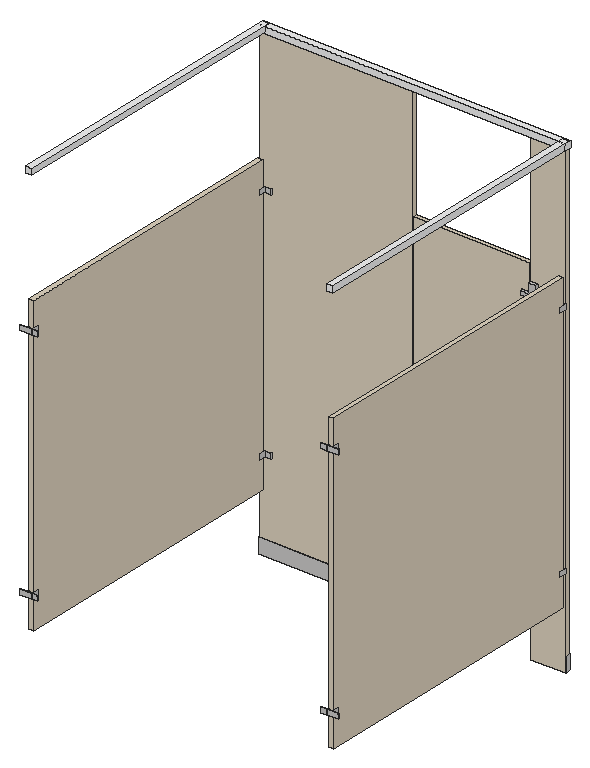
Revit family
Parameters (values of type "ADA Partition as Specified in 10 21 13")
  topoffset = 0' - 0 1/4"
  strkhdwr [instance] = not(or((End Panel_Strike Side), (Terminates at Wall_Strike Side)))  # no
  hngpnlconstrain [instance] = if((Terminates at Wall_Hinge Side), (Front Panel Width_Hinge Side - Reveal Clearance), (if((End Panel_Hinge Side), (Front Panel Width_Hinge Side + Panel Thickness + 0' 0 1/8"), (Front Panel Width_Hinge Side))))  # 0' - 7"
  hngpnl2 [instance] = if((Terminates at Wall_Strike Side), (Panel Thickness - Reveal Clearance - 0' 0 1/8"), (if((End Panel_Strike Side), (Panel Thickness + 0' 0 1/8"), (Panel Thickness))))  # 0' - 1"
  capoffset = 0' - 0"
  Warranty Duration (Years) = 0
  URL = "www.ironwood-mfg.com"
  Type Comments = "Toilet Partition"
  Terminates at Wall_Strike Side [instance] = no
  Terminates at Wall_Hinge Side [instance] = no
  Stile Thickness = 0' - 0 7/8"
  Stall Width = 5' - 0"
  Stall Depth [instance] = 5' - 0"
  Return Rail - Strike Side [instance] = yes
  Return Rail - Hinge Side [instance] = yes
  Pilaster Height = 8' - 0"
  Panel Thickness = 0' - 0 7/8"
  Outswing Door = yes
  Inswing Door = not(Outswing Door)  # no
  Headrail Material = Aluminum - Extruded - Satin Anodized Finish
  End Panel_Strike Side [instance] = not(Terminates at Wall_Strike Side)  # yes
  Front Panel Width_Strike Side = Stall Width - Door Width - Front Panel Width_Hinge Side  # 2' - 6"
  Specification = "http://www.arcat.com/sd/clients/ironwood.html?coid=45050"
  SpecWizard = "http://www.arcat.com/specwizard/10155iro/index.htm?coid=45050&mf=\r\n"
  Send Message = "http://admin.arcat.com/users.pl?action=UserEmail&company=Ironwood%20Manufacturing%20-%20Toilet%20Compartments&coid=45050&rep=133&fax=360-862-8413&mf="
  Sales Information = "http://www.ironwood-mfg.com/contact.aspx\r\n"
  Revision = "R1_09/2009"
  Reveal Clearance = 0' - 0 1/2"
  Product Properties = "http://www.arcat.com/bim/bim_info.pl?fn=Toilet-Partition_Ironwood_Ceiling-Hung\r\n"
  Product Data = "http://www.arcat.com/arcatcos/cos45/arc45050.html\r\n"
  Panel Material [instance] = Ironwood Cascade HPL - Almond - 920
  Model = ""
  Manufacturer's Notes = ""
  Manufacturer Website = "http://www.ironwood-mfg.com/"
  Manufacturer Phone = "360-568-1823\r\n"
  Manufacturer Fax = "360-862-8413"
  Manufacturer Address = "1102 Bonneville Ave.; Snohomish; WA 98290"
  Manufacturer = "Ironwood Manufacturing"
  Maintenance Schedule (Months) = 0
  Keynote = "10 21 13"
  Installation-Fabrication = ""
  Installation Phase = ""
  End Panel_Hinge Side [instance] = yes
  Front Panel Width_Hinge Side = 0' - 6"
  Hardware Finish [instance] = Stainless Steel - Type 304 #4 Brushed Finish
  Expected Lifespan (Years) = 0
  Drawn By = "Robert S. Weygant, CSI, CDT, SCIP"  # constant formula
  Door Width = 2' - 0"
  Door Thickness = 0' - 0 7/8"
  Door Height = 5' - 0"
  Distance from Floor to Panel = 1' - 0"
  Copyright = "2009, ARCAT, Inc."  # constant formula
  Description = "Ceiling Hung Toilet Partition as Specified in 10 21 13"
  Brackets_Vertical = 2
  Assembly Code = "C1010400"
Types (2): name | hngpnlconstrain | capoffset | Stall Width | Stall Depth | Front Panel Width_Strike Side | Product Properties | Front Panel Width_Hinge Side
  Standard Partition as Specified in 10 21 13 | 0' - 5" | 0' - 0 1/4" | 3' - 0" | 6' - 0" | 0' - 8" | "http://www.arcat.com/bim/bim_info.pl?fn=Toilet-Partition_Ironwood_Baker" | 0' - 4"
  ADA Partition as Specified in 10 21 13 | 0' - 7" | 0' - 0" | 5' - 0" | 5' - 0" | 2' - 6" | "http://www.arcat.com/bim/bim_info.pl?fn=Toilet-Partition_Ironwood_Ceiling-Hung\r\n" | 0' - 6"
Reference planes (in)
  plane 1: y = 26.56271
  plane 2 "Center (Left/Right)": x = 26.6528
  plane 3 "Left": x = 56.6528
  plane 4: x = -3.3472
  plane 5: y = 91.68771
  plane 6 "Back": y = 32.56271
  plane 7 "Right": x = -4.2222
  plane 8 "Front": y = 92.56271
  plane 9 "Bottom of panel": z = 12
  plane 10 "Top of panel": z = 72
  plane 11: x = 26.6528
  plane 12: x = 50.6528
  plane 13 "Top": z = 96
  plane 14 "Bottom Bracket": z = 18
  plane 15 "Top Bracket": z = 66
  plane 16 "Top Hinge": z = 68.75
  plane 17: y = 91.18771
  plane 18: y = 33.06271
  plane 19: z = 0
  plane 20: x = -4.3472
Forms (in)
  Extrusion 1, solid, material "Ironwood Cascade HPL - Almond - 920" <- "Panel Material"
    sketch origin (0, 0, 0) x (1, 0, 0) y (0, 1, 0)
      loop
        line (-4.3472, 92.56271) -> (-4.3472, 91.68771) -> (26.6528, 91.68771) -> (26.6528, 92.56271) -> (-4.3472, 92.56271)
    from 0 to 96
  Extrusion 2, solid, material "Stainless Steel - Type 304 #4 Brushed Finish" <- "Hardware Finish", detail levels medium+fine
    sketch origin (0, 92.56271, 0) x (-1, 0, 0) y (0, 0, 1)
      loop
        line (-25.1528, 39.97704) -> (-25.1528, 42.02296) -> (-27.6528, 42.02296) -> (-27.6528, 39.97704) -> (-25.1528, 39.97704)
    from 0 to 0.25
  Extrusion 3, solid, material "Ironwood Cascade HPL - Almond - 920" <- "Panel Material"
    sketch origin (0, 0, 0) x (1, 0, 0) y (0, 1, 0)
      loop
        line (50.6528, 92.56271) -> (50.6528, 91.68771) -> (57.6528, 91.68771) -> (57.6528, 92.56271) -> (50.6528, 92.56271)
    from 0 to 96
  Extrusion 4, solid, material "Ironwood Cascade HPL - Almond - 920" <- "Panel Material", visible <- "End Panel_Hinge Side"
    sketch origin (0, 0, 0) x (1, 0, 0) y (0, 1, 0)
      loop
        line (56.6528, 33.06271) -> (57.5278, 33.06271) -> (57.5278, 91.18771) -> (56.6528, 91.18771) -> (56.6528, 33.06271)
    from 12 to 72
  Extrusion 5, solid, material "Ironwood Cascade HPL - Almond - 920" <- "Panel Material", visible <- "End Panel_Strike Side"
    sketch origin (0, 0, 0) x (1, 0, 0) y (0, 1, 0)
      loop
        line (-4.2222, 33.06271) -> (-3.3472, 33.06271) -> (-3.3472, 91.18771) -> (-4.2222, 91.18771) -> (-4.2222, 33.06271)
    from 12 to 72
  Extrusion 6, solid, material "Stainless Steel - Type 304 #4 Brushed Finish" <- "Hardware Finish", detail levels fine
    sketch origin (0, 92.56271, 0) x (-1, 0, 0) y (0, 0, 1)
      loop
        line (-50.6528, 68.75) -> (-52.1528, 68.75) -> (-52.1528, 66) -> (-50.6528, 66) -> (-49.1528, 66) -> (-49.1528, 66.75) -> (-50.6528, 66.75) -> (-50.6528, 68.75)
    from -1.49944 to 0.25
  Extrusion 7, solid, material "Stainless Steel - Type 304 #4 Brushed Finish" <- "Hardware Finish", detail levels fine
    sketch origin (0, 92.56271, -52) x (-1, 0, 0) y (0, 0, 1)
      loop
        line (-50.6528, 66.75) -> (-52.1528, 66.75) -> (-52.1528, 64) -> (-49.1528, 64) -> (-49.1528, 64.75) -> (-50.6528, 64.75) -> (-50.6528, 66.75)
    from -1.49944 to 0.25
  Extrusion 8, solid, material "Ironwood Cascade HPL - Almond - 920" <- "Panel Material"
    sketch origin (0, 92.56271, 0) x (-1, 0, 0) y (0, 0, 1)
      loop
        line (-48.9028, 12) -> (-26.9028, 12) -> (-26.9028, 72) -> (-50.4028, 72) -> (-50.4028, 66.75) -> (-48.9028, 66.75) -> (-48.9028, 65.9223) -> (-50.4028, 65.9223) -> (-50.4028, 12.75) -> (-48.9028, 12.75) -> (-48.9028, 12)
    from -0.875 to 0
  Extrusion 9, solid, material "Stainless Steel - Type 304 #4 Brushed Finish" <- "Hardware Finish", detail levels fine
    sketch origin (0, 92.56271, 78) x (-1, 0, 0) y (0, 0, 1)
      loop
        line (-26.9028, -78) -> (4.3472, -78) -> (4.3472, -75) -> (-26.9028, -75) -> (-26.9028, -78)
    from -1.12268 to 0.24505
  Extrusion 10, solid, material "Stainless Steel - Type 304 #4 Brushed Finish" <- "Hardware Finish", detail levels fine
    sketch origin (0, 92.56271, 79) x (-1, 0, 0) y (0, 0, 1)
      loop
        line (-57.6528, -79) -> (-50.4028, -79) -> (-50.4028, -76) -> (-57.6528, -76) -> (-57.6528, -79)
    from -0.62556 to 0.25923
  Extrusion 11, solid, material "Aluminum - Extruded - Satin Anodized Finish" <- "Headrail Material", detail levels fine
    sketch origin (26.6528, 0, 0) x (0, -1, 0) y (0, 0, 1)
      loop
        line (-92.81271, 96.25) -> (-92.81271, 95) -> (-91.43771, 95) -> (-91.43771, 96.25) -> (-92.81271, 96.25)
    from -31.10629 to 31.10036
  Extrusion 12, solid, material "Aluminum - Extruded - Satin Anodized Finish" <- "Headrail Material", visible <- "Return Rail - Strike Side", detail levels fine
    sketch origin (0, 92.56271, 0) x (-1, 0, 0) y (0, 0, 1)
      loop
        line (3.19756, 96.25) -> (3.19756, 95) -> (4.44756, 95) -> (4.44756, 96.25) -> (3.19756, 96.25)
    from -60 to 0
  Extrusion 13, solid, material "Aluminum - Extruded - Satin Anodized Finish" <- "Headrail Material", visible <- "Return Rail - Hinge Side", detail levels fine
    sketch origin (53.3056, 92.56271, 0) x (1, 0, 0) y (0, 0, -1)
      loop
        line (3.20349, -96.25) -> (4.45349, -96.25) -> (4.45349, -95) -> (3.20349, -95) -> (3.20349, -96.25)
    from -60 to 0
Lines and regions (in)
  symbolic lines
    curve 1: line (50.6528, 0, 72) -> (26.6528, 0, 42)
    curve 2: line (26.6528, 0, 42) -> (50.6528, 0, 12)
    curve 3: line (-3.3472, 32.56271, 0) -> (-4.2222, 32.56271, 0)
  symbolic lines, visible <- "Inswing Door"
    curve 4: line (50.6528, 91.68771, 0) -> (50.6528, 67.68771, 0)
    curve 5: line (50.6528, 67.68771, 0) -> (49.7778, 67.68771, 0)
    curve 6: line (49.7778, 67.68771, 0) -> (49.7778, 91.68771, 0)
    curve 7: line (49.7778, 91.68771, 0) -> (50.6528, 91.68771, 0)
  symbolic lines, style "Toilet Accessories-Dashed", visible <- "Inswing Door"
    curve 8: arc (26.6528, 91.68771, 0) -> (33.68224, 74.71714, 0) -> (50.6528, 67.68771, 0) r 24
  symbolic lines, visible <- "Outswing Door"
    curve 9: line (50.6528, 92.56271, 0) -> (50.6528, 116.56271, 0)
    curve 10: line (50.6528, 116.56271, 0) -> (49.7778, 116.56271, 0)
    curve 11: line (49.7778, 116.56271, 0) -> (49.7778, 92.56271, 0)
    curve 12: line (49.7778, 92.56271, 0) -> (50.6528, 92.56271, 0)
  symbolic lines, style "Toilet Accessories-Dashed", visible <- "Outswing Door"
    curve 13: arc (26.6528, 92.56271, 0) -> (33.68224, 109.53327, 0) -> (50.6528, 116.56271, 0) r 24
Text (in)
  text "Placement Side" at (0, 40.15149, 123.01588), in view "Right"
  text "Placement Side" at (-71.13158, 43.3951, 0), in view "Floor Line"
  text "Placement Side" at (0, 65.23256, 117.93067), in view "Left"
Dimensions and locks (in)
  "Stall Width": plane 4 to plane 3 "Left"
  "Door Height": plane 9 "Bottom of panel" to plane 10 "Top of panel"
  "Distance from Floor to Panel": host wall to plane 9 "Bottom of panel"
  equal spacing: plane 9 "Bottom of panel", curve 2, plane 10 "Top of panel"
  "Pilaster Height": level to plane 13 "Top"
  "Panel Thickness": plane 7 "Right" to plane 4
  "Panel Thickness": plane 3 "Left" to Extrusion 4 sketch curve
  locked: Extrusion 6 sketch curve to plane 12 at 1.5  (x2)
  locked: plane 9 "Bottom of panel" to Extrusion 7 sketch curve at 2.75
  locked: Extrusion 7 sketch curve to plane 12 at 1.5
  locked: plane 12 to Extrusion 7 sketch curve at 1.5
  locked: plane 12 to Extrusion 8 sketch curve at 0.25
  locked: plane 11 to Extrusion 8 sketch curve at 0.25
  locked: Extrusion 2 sketch curve to plane 11 at 1.5
  "Front Panel Width_Hinge Side": plane 12 to plane 3 "Left"
  "Door Width": plane 11 to plane 12
  locked: Extrusion 9 sketch curve to plane 11 at 0.25
  locked: Extrusion 10 sketch curve to plane 12 at 0.25
  equal spacing: plane 4, plane 2 "Center (Left/Right)", plane 3 "Left"
  locked: Extrusion 9 to plane 8 "Front" at 0.24505
  locked: Extrusion 9 to plane 5 at 0.24768
  "Door Thickness": curve 6 to plane 12
  group 1 to group 2 = 0' - 0"
  group 2 to group 1 = 0' - 0"
  group 1 to group 2 = 4' - 0"
  locked: plane 15 "Top Bracket" to plane 16 "Top Hinge" at 2.75
  locked: plane 15 "Top Bracket" to plane 10 "Top of panel" at 6
  locked: plane 9 "Bottom of panel" to plane 14 "Bottom Bracket" at 6
  "Reveal Clearance": plane 17 to plane 5
  "Reveal Clearance": plane 18 to plane 6 "Back"
  group 4 to group 3 = 0' - 0"  (x2)
  group 3 to group 4 = 4' - 0"
  Extrusion 10 to Extrusion 3 = 0' - 0.25923"
  Extrusion 3 to Extrusion 10 = 0' - 0.24944"
  locked: Extrusion 10 to Extrusion 3 at 0.25
  "Stile Thickness": plane 8 "Front" to plane 5
  "capoffset": Extrusion 3 to Extrusion 10
  "hngpnlconstrain": Extrusion 3 sketch curve to Extrusion 3 sketch curve
  "capoffset": Extrusion 9 to Extrusion 1
  group 5 to group 6 = 0' - 0"  (x2)
  group 5 to group 6 = 4' - 0"
  group 7 to group 8 = 0' - 0"
  group 8 to group 7 = 0' - 0"
  group 7 to group 8 = 4' - 0"
  group 9 to group 10 = 0' - 0"
  group 10 to group 9 = 0' - 0"
  group 9 to group 10 = 4' - 0"
  Extrusion 10 sketch curve to Extrusion 4 = 0' - 0 1/8"
  "hngpnl2": plane 20 to plane 4
  group 11 to group 12 = 0' - 0"
  group 12 to group 11 = 0' - 0"
  group 11 to group 12 = 4' - 0"
  "Stall Depth": plane 8 "Front" to plane 6 "Back"
  group 13 to group 14 = 0' - 0"  (x2)
  group 13 to group 14 = 4' - 0"
  locked: Extrusion 10 sketch curve to Extrusion 10 sketch curve at 3
  locked: Extrusion 9 sketch curve to Extrusion 9 sketch curve at 3
  Extrusion 11 sketch curve to plane 8 "Front" = 0' - 0 1/4"
  locked: Extrusion 11 sketch curve to plane 13 "Top" at 0.25
  locked: plane 5 to Extrusion 11 sketch curve at 0.25
  locked: Extrusion 11 sketch curve to Extrusion 11 sketch curve at 1.25
  locked: plane 20 to Extrusion 11 at 0.10036
  locked: Extrusion 11 to Extrusion 3 at 0.10629
  "Door Thickness": Extrusion 8 to Extrusion 8
  locked: plane 20 to Extrusion 12 sketch curve at 0.10036
  locked: Extrusion 12 sketch curve to Extrusion 12 sketch curve at 1.25
  locked: Extrusion 13 sketch curve to Extrusion 13 sketch curve at 1.25
  locked: Extrusion 13 sketch curve to Extrusion 3 at 0.10629
  aligned and locked: Extrusion 1 sketch curve to plane 8 "Front"
  aligned and locked: Extrusion 1 sketch curve to plane 5
  aligned and locked: Extrusion 1 sketch curve to plane 11
  aligned and locked: plane 13 "Top" to Extrusion 1
  aligned and locked: Extrusion 2 to plane 8 "Front"
  aligned and locked: plane 12 to Extrusion 3 sketch curve
  aligned and locked: plane 3 "Left" to Extrusion 4 sketch curve
  aligned and locked: plane 9 "Bottom of panel" to Extrusion 4
  aligned and locked: Extrusion 5 to plane 10 "Top of panel"
  aligned and locked: Extrusion 5 to plane 9 "Bottom of panel"
  aligned and locked: plane 16 "Top Hinge" to Extrusion 6 sketch curve
  aligned and locked: plane 15 "Top Bracket" to Extrusion 6 sketch curve
  aligned and locked: Extrusion 6 sketch curve to plane 12
  aligned and locked: plane 9 "Bottom of panel" to Extrusion 7 sketch curve
  aligned and locked: Extrusion 7 sketch curve to plane 12
  aligned and locked: Extrusion 7 to Extrusion 8 sketch curve
  aligned and locked: plane 10 "Top of panel" to Extrusion 8 sketch curve
  aligned and locked: curve 4 to plane 12
  aligned and locked: plane 8 "Front" to Extrusion 8
  aligned and locked: plane 7 "Right" to nested 1
  aligned and locked: nested 1 to plane 5  (x4)
  aligned and locked: plane 14 "Bottom Bracket" to nested 1
  aligned and locked: plane 15 "Top Bracket" to nested 2
  aligned and locked: plane 7 "Right" to nested 2
  aligned and locked: plane 5 to nested 1
  aligned and locked: plane 17 to Extrusion 5 sketch curve
  aligned and locked: Extrusion 5 sketch curve to plane 18
  aligned and locked: Extrusion 4 sketch curve to plane 18
  aligned and locked: plane 17 to Extrusion 4 sketch curve
  aligned and locked: nested 3 to plane 5  (x2)
  aligned and locked: nested 3 to plane 3 "Left"
  aligned and locked: nested 3 to plane 14 "Bottom Bracket"
  aligned and locked: nested 4 to plane 15 "Top Bracket"
  aligned and locked: plane 5 to nested 3
  aligned and locked: plane 3 "Left" to nested 3
  aligned and locked: Extrusion 4 to plane 10 "Top of panel"
  aligned and locked: nested 5 to plane 4  (x3)
  aligned and locked: plane 6 "Back" to nested 5
  aligned and locked: nested 6 to plane 3 "Left"
  aligned and locked: nested 6 to plane 6 "Back"  (x3)
  aligned and locked: nested 6 to plane 14 "Bottom Bracket"
  aligned and locked: plane 14 "Bottom Bracket" to nested 5
  aligned and locked: plane 6 "Back" to nested 6  (x2)
  aligned and locked: nested 7 to plane 15 "Top Bracket"
  aligned and locked: nested 7 to plane 3 "Left"
  aligned and locked: nested 5 to plane 6 "Back"  (x4)
  aligned and locked: nested 8 to plane 3 "Left"
  aligned and locked: nested 8 to plane 8 "Front"  (x3)
  aligned and locked: plane 14 "Bottom Bracket" to nested 8
  aligned and locked: plane 15 "Top Bracket" to nested 9
  aligned and locked: nested 9 to plane 3 "Left"
  aligned and locked: plane 3 "Left" to nested 8
  aligned and locked: plane 7 "Right" to nested 5  (x2)
  aligned and locked: nested 7 to plane 6 "Back"
  aligned and locked: plane 6 "Back" to nested 7
  aligned and locked: plane 15 "Top Bracket" to nested 10
  aligned and locked: nested 10 to plane 4
  aligned and locked: plane 19 to level
  aligned and locked: Extrusion 1 to plane 20
  aligned and locked: plane 8 "Front" to nested 11  (x2)
  aligned and locked: nested 11 to plane 7 "Right"
  aligned and locked: nested 11 to plane 14 "Bottom Bracket"
  aligned and locked: nested 12 to plane 15 "Top Bracket"
  aligned and locked: nested 12 to plane 7 "Right"
  aligned and locked: nested 11 to plane 8 "Front"
  aligned and locked: plane 6 "Back" to host wall
  aligned and locked: plane 5 to nested 13
  aligned and locked: nested 13 to plane 5  (x2)
  aligned and locked: plane 14 "Bottom Bracket" to nested 13  (x2)
  aligned and locked: nested 13 to plane 14 "Bottom Bracket"
  aligned and locked: plane 7 "Right" to nested 13
  aligned and locked: plane 15 "Top Bracket" to nested 14  (x2)
  aligned and locked: nested 14 to plane 15 "Top Bracket"
  aligned and locked: plane 7 "Right" to nested 14
  aligned and locked: plane 5 to nested 14
  aligned and locked: plane 19 to Extrusion 1
  aligned and locked: plane 19 to Extrusion 3
  aligned and locked: plane 19 to Extrusion 10 sketch curve
  aligned and locked: plane 19 to Extrusion 9 sketch curve
  aligned and locked: Extrusion 12 to plane 6 "Back"
  aligned and locked: plane 8 "Front" to Extrusion 12
  aligned and locked: Extrusion 11 to Extrusion 13 sketch curve  (x2)
  aligned and locked: plane 8 "Front" to Extrusion 13
  aligned and locked: Extrusion 13 to plane 6 "Back"
  aligned and locked: plane 6 "Back" to nested 10
  aligned and locked: plane 5 to nested 2
  aligned and locked: plane 5 to nested 12
  aligned and locked: nested 4 to plane 5
  aligned and locked: nested 9 to plane 5
  aligned and locked: nested 4 to plane 3 "Left"
  aligned and locked: plane 5 to Extrusion 3
  aligned and locked: plane 8 "Front" to Extrusion 3
Automatic sketch dimensions
  curve 3 to host wall = 0' - 0"
  curve 3 to plane 7 "Right" = 0' - 0"
  curve 3 to plane 4 = 0' - 0"
  plane 11 to Extrusion 2 sketch curve = 0' - 1"
  plane 14 "Bottom Bracket" to Extrusion 2 sketch curve = 1' - 9.97704"
  Extrusion 2 sketch curve to Extrusion 2 sketch curve = 0' - 2.04593"
  Extrusion 5 sketch curve to plane 7 "Right" = 0' - 0"
  Extrusion 5 sketch curve to plane 4 = 0' - 0"
  curve 1 to plane 10 "Top of panel" = 0' - 0"
  curve 2 to plane 9 "Bottom of panel" = 0' - 0"
  curve 1 to plane 11 = 0' - 0"
  curve 2 to plane 12 = 0' - 0"
  curve 1 to plane 12 = 0' - 0"
  Extrusion 1 sketch curve to plane 20 = 0' - 0"
  Extrusion 6 sketch curve to plane 12 = 0' - 0"
  plane 15 "Top Bracket" to Extrusion 6 sketch curve = 0' - 0 3/4"
  Extrusion 7 sketch curve to plane 9 "Bottom of panel" = 0' - 0 3/4"
  Extrusion 8 sketch curve to plane 12 = 0' - 0 1/4"
  Extrusion 8 sketch curve to plane 9 "Bottom of panel" = 0' - 0 3/4"
  Extrusion 8 sketch curve to Extrusion 8 sketch curve = 0' - 1 1/2"  (x2)
  Extrusion 8 sketch curve to plane 15 "Top Bracket" = 0' - 0.0777"
  plane 15 "Top Bracket" to Extrusion 8 sketch curve = 0' - 0 3/4"
  curve 13 to plane 8 "Front" = 0' - 0"
  curve 13 to plane 11 = 0' - 0"
  curve 8 to plane 5 = 0' - 0"
  curve 8 to plane 11 = 0' - 0"
  curve 12 to plane 8 "Front" = 0' - 0"
  curve 9 to plane 12 = 0' - 0"
  curve 6 to plane 5 = 0' - 0"
  curve 12 to curve 6 = 0' - 0"
  Extrusion 9 sketch curve to plane 20 = 0' - 0"
  Extrusion 12 sketch curve to plane 13 "Top" = 0' - 1"
  plane 13 "Top" to Extrusion 12 sketch curve = 0' - 0 1/4"
  plane 17 to Extrusion 3 sketch curve = 0' - 0 1/2"
  Extrusion 3 sketch curve to Extrusion 3 sketch curve = 0' - 0 7/8"
Nested families (in)
  nested 1: "Mounting Bracket" at (-4.2222, 91.68771, 18), visible <- "strkhdwr", type "Common Mount"
  nested 2: "Mounting Bracket" at (-4.2222, 91.68771, 66), visible <- "strkhdwr", type "Common Mount"
  nested 3: "Mounting Bracket" at (57.5278, 91.68771, 18) x (-1, 0, 0) z (0, 0, 1), visible <- "End Panel_Hinge Side", type "End Mount"
  nested 4: "Mounting Bracket" at (57.5278, 91.68771, 66) x (-1, 0, 0) z (0, 0, 1), visible <- "End Panel_Hinge Side", type "End Mount"
  nested 5: "Mounting Bracket" at (-3.3472, 32.56271, 18) x (-1, 0, 0) z (0, 0, 1), visible <- "End Panel_Strike Side", type "Common Mount"
  nested 6: "Mounting Bracket" at (56.6528, 32.56271, 18), visible <- "End Panel_Hinge Side", type "Common Mount"
  nested 7: "Mounting Bracket" at (56.6528, 32.56271, 66), visible <- "End Panel_Hinge Side", type "Common Mount"
  nested 8: "Mounting Bracket" at (56.6528, 92.56271, 18) x (0, -1, 0) z (0, 0, 1), visible <- "Terminates at Wall_Hinge Side", type "End Mount"
  nested 9: "Mounting Bracket" at (56.6528, 92.56271, 66) x (0, -1, 0) z (0, 0, 1), visible <- "Terminates at Wall_Hinge Side", type "End Mount"
  nested 10: "Mounting Bracket" at (-3.3472, 32.56271, 66) x (-1, 0, 0) z (0, 0, 1), visible <- "End Panel_Strike Side", type "Common Mount"
  nested 11: "Mounting Bracket" at (-4.2222, 92.56271, 18) x (0, -1, 0) z (0, 0, 1), visible <- "Terminates at Wall_Strike Side", type "End Mount"
  nested 12: "Mounting Bracket" at (-4.2222, 92.56271, 66) x (0, -1, 0) z (0, 0, 1), visible <- "Terminates at Wall_Strike Side", type "End Mount"
  nested 13: "Mounting Bracket" at (-4.2222, 91.68771, 18), visible <- "End Panel_Strike Side", type "End Mount"
  nested 14: "Mounting Bracket" at (-4.2222, 91.68771, 66), visible <- "End Panel_Strike Side", type "End Mount"
Definition of nested family "Mounting Bracket"
  Parameters (values of type "Common Mount")
    panel thickness = 0' - 0 1/2"
    hdwr matl = none
    Surfmnt = yes
    Hdwr Height = 0' - 1"
    Assembly Code = ""
  Types (2): name | panel thickness | Surfmnt
    Common Mount | 0' - 0 1/2" | yes
    End Mount | 0' - 1" | no
  Reference planes (in)
    plane 1 "Center (Front/Back)": y = 0
    plane 2 "bottom": z = 0
    plane 3 "Center (Left/Right)": x = 0
    plane 4: y = -1.37133
    plane 5 "top": z = 1
    plane 6: y = -0.12324
  Forms (in)
    Extrusion 1, solid, material <- "hdwr matl"
      sketch origin (0, 0, 0) x (1, 0, 0) y (0, 1, 0)
        loop
          line (0, -1.37133) -> (0, -0.125) -> (0.5, -0.125) -> (0.5, -1.37133) -> (0.625, -1.37133) -> (0.625, -0.12324) -> (2.25, -0.12324) -> (2.25, 0) -> (-0.125, 0) -> (-0.125, -1.37133) -> (0, -1.37133)
      from 0 to 1
    Extrusion 2, solid, material <- "hdwr matl", visible <- "Surfmnt"
      sketch origin (0, 0, 0) x (1, 0, 0) y (0, 1, 0)
        loop
          line (0, 0) -> (-1.25, 0) -> (-1.25, -0.125) -> (0, -0.125) -> (0, 0)
      from 0 to 1
  Dimensions and locks (in)
    "panel thickness": Extrusion 1 sketch curve to Extrusion 1 sketch curve
    locked: Extrusion 1 sketch curve to Extrusion 1 sketch curve at 0.125  (x2)
    locked: plane 4 to plane 1 "Center (Front/Back)" at 1.37133
    locked: Extrusion 1 sketch curve to Extrusion 1 sketch curve at 2.375
    locked: Extrusion 2 sketch curve to Extrusion 2 sketch curve at 0.125
    locked: Extrusion 2 sketch curve to Extrusion 2 sketch curve at 1.25
    "Hdwr Height": plane 5 "top" to plane 2 "bottom"
    locked: plane 6 to plane 1 "Center (Front/Back)" at 0.12324
    "panel thickness": Extrusion 1 to Extrusion 1
    aligned and locked: plane 3 "Center (Left/Right)" to Extrusion 1 sketch curve
    aligned and locked: Extrusion 1 sketch curve to plane 1 "Center (Front/Back)"
    aligned and locked: Extrusion 1 sketch curve to plane 4  (x2)
    aligned and locked: Extrusion 2 sketch curve to plane 1 "Center (Front/Back)"
    aligned and locked: plane 3 "Center (Left/Right)" to Extrusion 2 sketch curve
    aligned and locked: plane 5 "top" to Extrusion 1
    aligned and locked: plane 5 "top" to Extrusion 2
    aligned and locked: Extrusion 1 to plane 2 "bottom"
    aligned and locked: Extrusion 2 to plane 2 "bottom"
  Automatic sketch dimensions
    plane 1 "Center (Front/Back)" to Extrusion 1 sketch curve = 0' - 0.12324"
    plane 1 "Center (Front/Back)" to Extrusion 1 sketch curve = 0' - 0 1/8"
